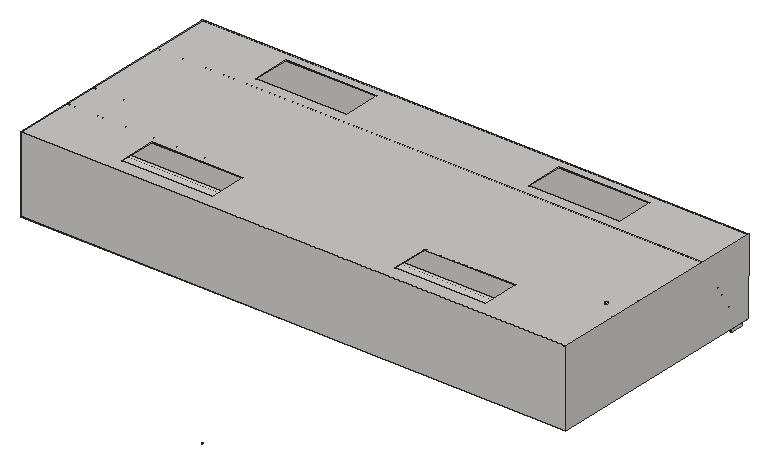
Revit family "QF_ELECTROLUXPROFESSIONAL_641263_STPF1536", category Attrezzature speciali, Revit 2021
Family settings
  Quota connettore circolare = Usa diametro
  Tipo di parte = Normale
  Basato su piano di lavoro = No
  Sempre verticale = Sì
  Taglio con vuoti quando caricato = No
  Condiviso = No
  Punto di calcolo locali = No
Parameters (values of type "Standard")
  Weight = 225.00 kg
  Watts = 320 W
  Volts = 220 V
  URL Manufacturer = "https://www.electroluxprofessional.com/"
  URL = "https://www.electroluxprofessional.com/"
  Steam Supply Size = 0 mm
  Steam Supply Minimum Pressure = 0.0 Pa
  Steam Supply Maximum Pressure = 0.0 Pa
  Steam Consumption per Hour = 0
  Refrigeration Suction Line Size = 0 mm
  Refrigeration Liquid Line Size = 0 mm
  Refrigerant Compressor Remote = yes
  Prospetto di default = 0 mm
  Produttore = "Electrolux Professional"
  Phase = 1
  Modello = "STPF1536"
  Length Actual = 3600 mm  # constant formula
  Item Number = "641263"
  Hot Water Size = 0 mm
  Height Actual = 500 mm  # constant formula
  HP = "0.4 HP"
  Gas Size = 0 mm
  Gas KW = 0
  Gas Input Pressure = 0 W
  Direct Waste Size = 0 mm
  Descrizione = "304 S/S WALL HOOD+FILTERS+LAMPS 360X150"
  Depth Actual = 1500 mm  # constant formula
  Cycle = 50 Hz
  Condensate Return Size = 0 mm
  Compressed Air Volume = 0.0 L/s
  Compressed Air Size = 0 mm
  Compressed Air Pressure = 0.0 Pa
  Cold Water Size = 0 mm
  Accessory = yes
Reference planes
  plane 1: z = 0
  plane 2 "Center (Left/Right)": x = 150
  plane 3 "LEFT": x = -1650
  plane 4 "RIGHT": x = 1950
  plane 5 "BACK": y = 550
  plane 6 "TOP": z = 2500
  plane 7 "Base": z = 2000
  plane 8: z = 1955
  plane 9 "DrainY": y = 490
  plane 10: x = -1647
  plane 11 "DrainX": x = 1830
  plane 12 "AOLeft2": x = -450
  plane 13 "AORight1": x = 750
  plane 14: x = 1947
  plane 15: x = -1450
  plane 16: x = 1750
  plane 17 "Center (Front/Back)": y = -100
  plane 18 "Front": y = -950
  plane 19 "AOLeft1": x = -1050
  plane 20 "AORight2": x = 1350
  plane 21: y = -864
  plane 22: y = -614
  plane 23: y = 240
  plane 24: y = 490
  plane 25 "EI_y": y = -470
  plane 26 "EIx": x = 1830
Forms (mm)
  Extrusion 1, solid, material "QF_Finishes_Stainless Steel"
    sketch origin (-1650, 0, 360) x (0, 1, 0) y (0, 0, 1)
      loop
        line (550, 1640) -> (550, 2140) -> (-950, 2140) -> (-950, 1640) -> (550, 1640)
    from 0 to 3
  Extrusion 2, solid, material "QF_Finishes_Stainless Steel"
    sketch origin (1950, 0, 360) x (0, 1, 0) y (0, 0, 1)
      loop
        line (550, 1640) -> (550, 2140) -> (-950, 2140) -> (-950, 1640) -> (550, 1640)
    from 0 to -3
  Extrusion 3, solid, material "QF_Finishes_Stainless Steel"
    sketch origin (150, 0, 360) x (0, 1, 0) y (0, 0, 1)
      loop
        line (-950, 2140) -> (-950, 1640) -> (-940, 1640) -> (-940, 1640.8) -> (-949.2, 1640.8) -> (-949.2, 2139.19) -> (549.2, 2139.19) -> (549.2, 1640.8) -> (540, 1640.8) -> (540, 1640) -> (550, 1640) -> (550, 2140) -> (-950, 2140)
    from -1800 to 1800
  Extrusion 4, solid, material "QF_Finishes_Stainless Steel"
    sketch origin (0, 0, 2000) x (0, 1, 0) y (-1, 0, 0)
      loop
        circle (490, -1830) r 4.763
    from -30 to 0
  Extrusion 5, void
    sketch origin (0, 0, 2500) x (0, 1, 0) y (-1, 0, 0)
      loop
        line (-614, 450) -> (-614, 1050) -> (-864, 1050) -> (-864, 450) -> (-614, 450)
    from 0 to -10
  Extrusion 6, solid, material "QF_Finishes_Stainless Steel"
    sketch origin (0, 0, 0) x (1, 0, 0) y (0, 1, 0)
      loop
        line (-1650, 550) -> (-1650, 549) -> (-1649, 549) -> (-1649, 550) -> (-1650, 550)
    from 0 to 1
  Extrusion 7, solid, material "QF_LAMPS"
    sketch origin (150, 0, 360) x (0, 1, 0) y (0, 0, 1)
      loop
        line (-572.823, 1962.324) -> (-418.948, 2086.929) -> (-427.129, 2097.032) -> (-581.003, 1972.426) -> (-572.823, 1962.324)
    from 1797 to -1797
  Sweep 8, solid, material "QF_Finishes_Stainless Steel"
    path origin (0, 0, 0) x (1, 0, 0) y (0, 1, 0)
      loop
        line (1950, 550) -> (-1650, 550) -> (-1650, -950) -> (1950, -950) -> (1950, 550)
    profile origin (1950, -200, 0) x (1, 0, 0) y (0, 0, 1)
      loop
        line (-3, 2000) -> (-3, 2000.8) -> (-19, 2000.8) -> (-19, 2010) -> (-20, 2010) -> (-20, 2000) -> (-3, 2000)
  Extrusion 9, solid, material "QF_Finishes_Stainless Steel"
    sketch origin (150, 0, 0) x (0, 1, 0) y (0, 0, 1)
      loop
        line (414.66, 2095.469) -> (440.643, 2110.471) -> (261.744, 2411.771) -> (235.948, 2396.455) -> (414.66, 2095.469)
    from -1797 to -1600
  Extrusion 10, void
    sketch origin (1134.605, 0, 2500) x (0, 1, 0) y (-1, 0, 0)
      loop
        line (-614, -215.395) -> (-614, 384.605) -> (-864, 384.605) -> (-864, -215.395) -> (-614, -215.395)
    from 0 to -10
  Extrusion 11, solid, material "QF_Finishes_Stainless Steel"
    sketch origin (1830, 0, 0) x (0, 1, 0) y (0, 0, 1)
      loop
        line (539, 2000) -> (441, 2000) -> (441, 1989) -> (448.5, 1989) -> (448.5, 1965)
        arc (448.5, 1965) -> (451.429, 1957.929) -> (458.5, 1955) r 10
        line (458.5, 1955) -> (521.5, 1955)
        arc (521.5, 1955) -> (528.571, 1957.929) -> (531.5, 1965) r 10
        line (531.5, 1965) -> (531.5, 1989) -> (539, 1989) -> (539, 2000)
    from 90 to -90
  Extrusion 12, solid, material "QF_Finishes_Stainless Steel"
    sketch origin (150, 0, 0) x (0, 1, 0) y (0, 0, 1)
      loop
        line (414.66, 2095.469) -> (440.643, 2110.471) -> (261.744, 2411.771) -> (235.948, 2396.455) -> (414.66, 2095.469)
    from 1600 to 1797
  Extrusion 13, solid, material "QF_Finished_Chrome"
    sketch origin (150, 0, 0) x (0, 1, 0) y (0, 0, 1)
      loop
        line (414.66, 2095.469) -> (440.643, 2110.471) -> (261.744, 2411.771) -> (235.948, 2396.455) -> (414.66, 2095.469)
    from -1600 to 1600
  Extrusion 14, void
    sketch origin (0, 1180, 2500) x (0, 1, 0) y (-1, 0, 0)
      loop
        line (-690, 450) -> (-690, 1050) -> (-940, 1050) -> (-940, 450) -> (-690, 450)
    from 0 to -10
  Extrusion 15, void
    sketch origin (1600, 1180, 2500) x (0, 1, 0) y (-1, 0, 0)
      loop
        line (-690, 250) -> (-690, 850) -> (-940, 850) -> (-940, 250) -> (-690, 250)
    from 0 to -10
  Extrusion 16, solid, material "QF_Finishes_Stainless Steel"
    sketch origin (0, 0, 2500) x (0, 1, 0) y (-1, 0, 0)
      loop
        circle (-470, -1830) r 10
    from 0 to 1.6
  Extrusion 17, solid, material "QF_Finishes_Stainless Steel"
    sketch origin (150, 0, 360) x (0, 1, 0) y (0, 0, 1)
      loop
        line (430.005, 1640) -> (540, 1640) -> (540, 1640.8) -> (430.467, 1640.8) -> (371.906, 1742.23) -> (414.858, 1734.657) -> (442.266, 1750.481) -> (442.266, 1765.943) -> (441.466, 1765.943) -> (441.466, 1750.943) -> (414.709, 1735.495) -> (321.153, 1751.991) -> (320.875, 1750.416) -> (371.4, 1741.507) -> (430.005, 1640)
      loop
        line (172.529, 2139.19) -> (242.893, 2017.316) -> (245.133, 2018.715) -> (240.13, 2027.381) -> (238.569, 2026.405) -> (173.453, 2139.19) -> (172.529, 2139.19)
    from -1797 to 1797
  Extrusion 18, solid, material "QF_Finishes_Stainless Steel"
    sketch origin (150, 200.8, 360) x (0, 1, 0) y (0, 0, 1)
      loop
        line (-1150, 2139.19) -> (-1150, 1640) -> (-1086.602, 1640) -> (-999.146, 1690.493) -> (-1010.058, 1709.394) -> (-1066.564, 1676.77) -> (-1114.704, 1680.982) -> (-1149.2, 1730.248) -> (-1149.2, 2139.19) -> (-1150, 2139.19)
      loop
        line (-773.6, 1961.694) -> (-781.937, 1971.99) -> (-769.095, 1982.182) -> (-769.095, 2139.19) -> (-769.895, 2139.19) -> (-769.895, 1982.569) -> (-1082.298, 1734.63) -> (-1071.091, 1720.79) -> (-773.6, 1961.694)
      loop
        line (-627.61, 2099.216) -> (-618.171, 2087.559) -> (-554.411, 2139.19) -> (-555.682, 2139.19) -> (-618.052, 2088.684) -> (-626.989, 2099.719) -> (-627.61, 2099.216)
    from -1797 to 1797
  Extrusion 19, solid, material "QF_Finishes_Stainless Steel"
    sketch origin (0, 0, 2500) x (0, 1, 0) y (-1, 0, 0)
      loop
        circle (-470, -1830) r 10
    from 0 to 1.6
Cuts and joins
  Extrusion 5, Extrusion 10, Extrusion 14, Extrusion 15 cuts Extrusion 3
  joined: Extrusion 2, Extrusion 3, Sweep 8
Lines and regions (mm)
  symbolic lines, style "SpecialityEquipment", detail levels coarse
    curve 1: line (1950, 550, 2500) -> (-1650, 550, 2500)
    curve 2: line (-1650, 550, 2500) -> (-1650, -950, 2500)
    curve 3: line (1950, -950, 2500) -> (1950, 550, 2500)
    curve 4: line (-1650, 550, 0) -> (1950, -950, 0)
    curve 5: line (1950, 550, 0) -> (-1650, -950, 0)
    curve 6: line (-1650, -950, 0) -> (1950, -950, 0)
  symbolic lines, detail levels coarse
    curve 7: line (-1050, 240, 2500) -> (-450, 240, 2500)
    curve 8: line (-1050, 490, 2500) -> (-1050, 240, 2500)
    curve 9: line (-450, 490, 2500) -> (-1050, 490, 2500)
    curve 10: line (-450, 240, 2500) -> (-450, 490, 2500)
    curve 11: line (750, 490, 2500) -> (750, 240, 2500)
    curve 12: line (1350, 490, 2500) -> (750, 490, 2500)
    curve 13: line (750, 240, 2500) -> (1350, 240, 2500)
    curve 14: line (1350, 240, 2500) -> (1350, 490, 2500)
    curve 15: line (-1050, -614, 2500) -> (-450, -614, 2500)
    curve 16: line (-1050, -864, 2500) -> (-1050, -614, 2500)
    curve 17: line (-450, -864, 2500) -> (-1050, -864, 2500)
    curve 18: line (-450, -614, 2500) -> (-450, -864, 2500)
    curve 19: line (750, -614, 2500) -> (1350, -614, 2500)
    curve 20: line (750, -864, 2500) -> (750, -614, 2500)
    curve 21: line (1350, -864, 2500) -> (750, -864, 2500)
    curve 22: line (1350, -614, 2500) -> (1350, -864, 2500)
Dimensions and locks
  plane 3 "LEFT" to plane 4 "RIGHT" = 3600 mm
  equal spacing: plane 3 "LEFT", plane 2 "Center (Left/Right)", plane 4 "RIGHT"
  plane 7 "Base" to plane 8 = 45 mm
  plane 5 "BACK" to plane 9 "DrainY" = 60 mm  (x2)
  plane 3 "LEFT" to plane 10 = 3 mm
  plane 11 "DrainX" to plane 4 "RIGHT" = 120 mm
  plane 14 to plane 4 "RIGHT" = 3 mm
  plane 3 "LEFT" to plane 15 = 200 mm
  plane 16 to plane 4 "RIGHT" = 200 mm
  locked: plane 12 "AOLeft2" to plane 13 "AORight1" at 1200
  equal spacing: plane 12 "AOLeft2", plane 2 "Center (Left/Right)", plane 13 "AORight1"
  locked: plane 7 "Base" to level at 2000
  locked: plane 6 "TOP" to plane 7 "Base" at 500
  locked: plane 19 "AOLeft1" to plane 12 "AOLeft2" at 600
  locked: plane 13 "AORight1" to plane 20 "AORight2" at 600
  locked: plane 22 to plane 21 at 250
  locked: plane 21 to plane 18 "Front" at 86
  locked: plane 24 to plane 23 at 250
  locked: plane 5 "BACK" to plane 24 at 60
  locked: plane 25 "EI_y" to plane 18 "Front" at 480
  locked: plane 26 "EIx" to plane 4 "RIGHT" at 120
  locked: plane 5 "BACK" to plane 18 "Front" at 1500
  plane 5 "BACK" to plane 18 "Front" = 1500 mm
  aligned and locked: level to plane 1
  aligned and locked: plane 4 "RIGHT" to Extrusion 3
  aligned and locked: Extrusion 3 to plane 3 "LEFT"
  aligned and locked: Extrusion 2 to plane 14
  aligned and locked: Extrusion 9 to plane 10
  aligned and locked: Extrusion 5 to plane 19 "AOLeft1"
  aligned and locked: Extrusion 5 to plane 12 "AOLeft2"
  aligned and locked: plane 20 "AORight2" to Extrusion 10
  aligned and locked: plane 13 "AORight1" to Extrusion 10
  aligned and locked: plane 15 to Extrusion 9
  aligned and locked: plane 16 to Extrusion 12
  aligned and locked: plane 14 to Extrusion 12
  aligned and locked: Extrusion 13 to plane 15
  aligned and locked: Extrusion 13 to plane 16
  aligned and locked: plane 14 to Extrusion 7
  aligned and locked: Extrusion 7 to plane 10
  aligned and locked: Extrusion 14 to plane 23
  aligned and locked: plane 24 to Extrusion 14
  aligned and locked: plane 24 to Extrusion 15
  aligned and locked: Extrusion 15 to plane 23
  aligned and locked: plane 13 "AORight1" to Extrusion 15
  aligned and locked: plane 20 "AORight2" to Extrusion 15
  aligned and locked: Extrusion 14 to plane 19 "AOLeft1"
  aligned and locked: Extrusion 14 to plane 12 "AOLeft2"
  aligned and locked: Extrusion 17 to plane 10
  aligned and locked: plane 14 to Extrusion 17
  aligned and locked: Extrusion 5 to plane 21
  aligned and locked: plane 22 to Extrusion 5
  aligned and locked: Extrusion 10 to plane 21
  aligned and locked: Extrusion 18 to plane 10
  aligned and locked: plane 14 to Extrusion 18
Automatic sketch dimensions
  curve 6 to plane 3 "LEFT" = 0 mm
  curve 4 to plane 3 "LEFT" = 0 mm
  curve 5 to plane 4 "RIGHT" = 0 mm
  curve 6 to plane 4 "RIGHT" = 0 mm
  curve 4 to plane 18 "Front" = 0 mm
  curve 5 to plane 5 "BACK" = 0 mm
  curve 4 to plane 5 "BACK" = 0 mm
  Extrusion 1 sketch curve to plane 7 "Base" = 0 mm
  Extrusion 1 sketch curve to plane 18 "Front" = 0 mm
  Extrusion 1 sketch curve to plane 5 "BACK" = 0 mm
  Extrusion 1 sketch curve to plane 6 "TOP" = 0 mm
  Extrusion 2 sketch curve to plane 7 "Base" = 0 mm
  Extrusion 2 sketch curve to plane 18 "Front" = 0 mm
  Extrusion 2 sketch curve to plane 5 "BACK" = 0 mm
  Extrusion 2 sketch curve to plane 6 "TOP" = 0 mm
  Extrusion 3 sketch curve to plane 6 "TOP" = 0 mm
  Extrusion 3 sketch curve to plane 18 "Front" = 0 mm
  Extrusion 3 sketch curve to plane 7 "Base" = 0 mm  (x2)
  Extrusion 3 sketch curve to plane 5 "BACK" = 0 mm
  plane 18 "Front" to Extrusion 3 sketch curve = 0.8 mm
  Extrusion 3 sketch curve to Extrusion 3 sketch curve = 9.2 mm
  plane 7 "Base" to Extrusion 3 sketch curve = 0.8 mm  (x2)
  Extrusion 3 sketch curve to plane 5 "BACK" = 10 mm
  Extrusion 3 sketch curve to plane 5 "BACK" = 0.8 mm
  Extrusion 3 sketch curve to plane 6 "TOP" = 0.81 mm
  Extrusion 4 sketch curve to plane 9 "DrainY" = 0 mm
  Extrusion 4 sketch curve to plane 11 "DrainX" = 0 mm
  Extrusion 5 sketch curve to plane 12 "AOLeft2" = 0 mm
  Extrusion 5 sketch curve to plane 21 = 0 mm
  Extrusion 5 sketch curve to plane 22 = 0 mm
  Extrusion 5 sketch curve to plane 19 "AOLeft1" = 0 mm
  Extrusion 6 sketch curve to plane 3 "LEFT" = 0 mm
  Extrusion 6 sketch curve to plane 5 "BACK" = 0 mm
  plane 3 "LEFT" to Extrusion 6 sketch curve = 1 mm
  Extrusion 6 sketch curve to Extrusion 6 sketch curve = 1 mm
  plane 22 to Extrusion 7 sketch curve = 32.997 mm
  Extrusion 7 sketch curve to Extrusion 7 sketch curve = 8.181 mm  (x2)
  plane 25 "EI_y" to Extrusion 7 sketch curve = 42.871 mm
  Extrusion 7 sketch curve to plane 6 "TOP" = 177.676 mm
  Extrusion 7 sketch curve to Extrusion 7 sketch curve = 10.102 mm
  Extrusion 7 sketch curve to plane 6 "TOP" = 53.071 mm
  Extrusion 7 sketch curve to Extrusion 7 sketch curve = 10.103 mm
  Sweep 8 sketch curve to plane 3 "LEFT" = 0 mm
  Sweep 8 sketch curve to plane 4 "RIGHT" = 0 mm
  Sweep 8 sketch curve to plane 18 "Front" = 0 mm
  Sweep 8 sketch curve to plane 5 "BACK" = 0 mm
  profile plane to Sweep 8 sketch curve = 20 mm
  Sweep 8 sketch curve to Sweep 8 sketch curve = 1 mm
  profile plane to Sweep 8 sketch curve = 3 mm
  level to Sweep 8 sketch curve = 2000 mm
  Sweep 8 sketch curve to Sweep 8 sketch curve = 0.8 mm
  Sweep 8 sketch curve to Sweep 8 sketch curve = 9.2 mm
  Extrusion 9 sketch curve to plane 23 = 4.052 mm
  plane 23 to Extrusion 9 sketch curve = 21.744 mm
  Extrusion 9 sketch curve to plane 9 "DrainY" = 75.34 mm
  Extrusion 9 sketch curve to Extrusion 9 sketch curve = 25.983 mm
  plane 7 "Base" to Extrusion 9 sketch curve = 95.469 mm
  Extrusion 9 sketch curve to Extrusion 9 sketch curve = 15.001 mm
  Extrusion 9 sketch curve to plane 6 "TOP" = 103.545 mm
  Extrusion 9 sketch curve to Extrusion 9 sketch curve = 15.316 mm
  Extrusion 10 sketch curve to plane 20 "AORight2" = 0 mm
  Extrusion 10 sketch curve to plane 21 = 0 mm
  Extrusion 10 sketch curve to plane 22 = 0 mm
  Extrusion 10 sketch curve to plane 13 "AORight1" = 0 mm
  Extrusion 11 sketch curve to plane 8 = 0 mm
  Extrusion 11 sketch curve to plane 7 "Base" = 11 mm  (x2)
  Extrusion 11 sketch curve to plane 9 "DrainY" = 49 mm
  Extrusion 11 sketch curve to Extrusion 11 sketch curve = 7.5 mm  (x2)
  Extrusion 11 sketch curve to Extrusion 11 sketch curve = 10 mm
  Extrusion 11 sketch curve to plane 5 "BACK" = 28.5 mm
  Extrusion 11 sketch curve to plane 5 "BACK" = 18.5 mm
  plane 7 "Base" to Extrusion 11 sketch curve = 0 mm
  Extrusion 12 sketch curve to plane 23 = 4.052 mm
  plane 23 to Extrusion 12 sketch curve = 21.744 mm
  Extrusion 12 sketch curve to plane 9 "DrainY" = 75.34 mm
  Extrusion 12 sketch curve to Extrusion 12 sketch curve = 25.983 mm
  plane 7 "Base" to Extrusion 12 sketch curve = 95.469 mm
  Extrusion 12 sketch curve to Extrusion 12 sketch curve = 15.001 mm
  Extrusion 12 sketch curve to plane 6 "TOP" = 103.545 mm
  Extrusion 12 sketch curve to Extrusion 12 sketch curve = 15.316 mm
  Extrusion 13 sketch curve to plane 23 = 4.052 mm
  plane 23 to Extrusion 13 sketch curve = 21.744 mm
  Extrusion 13 sketch curve to plane 9 "DrainY" = 75.34 mm
  Extrusion 13 sketch curve to Extrusion 13 sketch curve = 25.983 mm
  plane 7 "Base" to Extrusion 13 sketch curve = 95.469 mm
  Extrusion 13 sketch curve to Extrusion 13 sketch curve = 15.001 mm
  Extrusion 13 sketch curve to plane 6 "TOP" = 103.545 mm
  Extrusion 13 sketch curve to Extrusion 13 sketch curve = 15.316 mm
  Extrusion 14 sketch curve to plane 12 "AOLeft2" = 0 mm
  Extrusion 14 sketch curve to plane 23 = 0 mm
  Extrusion 14 sketch curve to plane 9 "DrainY" = 0 mm
  Extrusion 14 sketch curve to plane 19 "AOLeft1" = 0 mm
  Extrusion 15 sketch curve to plane 20 "AORight2" = 0 mm
  Extrusion 15 sketch curve to plane 23 = 0 mm
  Extrusion 15 sketch curve to plane 9 "DrainY" = 0 mm
  Extrusion 15 sketch curve to plane 13 "AORight1" = 0 mm
  Extrusion 16 sketch curve to plane 25 "EI_y" = 0 mm
  Extrusion 16 sketch curve to plane 26 "EIx" = 0 mm
  Extrusion 17 sketch curve to plane 7 "Base" = 0 mm
  Extrusion 17 sketch curve to plane 6 "TOP" = 0.81 mm
  Extrusion 17 sketch curve to plane 23 = 67.471 mm
  Extrusion 17 sketch curve to Extrusion 17 sketch curve = 0.924 mm
  Extrusion 17 sketch curve to plane 23 = 1.431 mm
  plane 23 to Extrusion 17 sketch curve = 0.13 mm
  plane 23 to Extrusion 17 sketch curve = 2.893 mm
  Extrusion 17 sketch curve to Extrusion 17 sketch curve = 2.24 mm
  plane 23 to Extrusion 17 sketch curve = 80.875 mm
  Extrusion 17 sketch curve to Extrusion 17 sketch curve = 0.278 mm
  Extrusion 17 sketch curve to Extrusion 17 sketch curve = 50.525 mm
  Extrusion 17 sketch curve to Extrusion 17 sketch curve = 0.506 mm
  Extrusion 17 sketch curve to Extrusion 17 sketch curve = 42.803 mm
  Extrusion 17 sketch curve to Extrusion 17 sketch curve = 0.148 mm
  Extrusion 17 sketch curve to plane 9 "DrainY" = 59.995 mm
  plane 7 "Base" to Extrusion 17 sketch curve = 0.8 mm
  Extrusion 17 sketch curve to Extrusion 17 sketch curve = 0.462 mm  (x2)
  Extrusion 17 sketch curve to Extrusion 17 sketch curve = 109.533 mm
  Extrusion 17 sketch curve to Extrusion 17 sketch curve = 26.757 mm
  Extrusion 17 sketch curve to Extrusion 17 sketch curve = 0.8 mm
  plane 7 "Base" to Extrusion 17 sketch curve = 94.657 mm
  Extrusion 17 sketch curve to Extrusion 17 sketch curve = 0.838 mm
  Extrusion 17 sketch curve to Extrusion 17 sketch curve = 6.012 mm
  Extrusion 17 sketch curve to Extrusion 17 sketch curve = 0.723 mm
  Extrusion 17 sketch curve to Extrusion 17 sketch curve = 14.986 mm
  Extrusion 17 sketch curve to Extrusion 17 sketch curve = 15 mm
  Extrusion 17 sketch curve to plane 6 "TOP" = 122.684 mm
  Extrusion 17 sketch curve to Extrusion 17 sketch curve = 1.399 mm
  Extrusion 17 sketch curve to Extrusion 17 sketch curve = 9.089 mm
  Extrusion 17 sketch curve to Extrusion 17 sketch curve = 0.975 mm
  Extrusion 18 sketch curve to plane 7 "Base" = 0 mm
  plane 18 "Front" to Extrusion 18 sketch curve = 0.8 mm
  Extrusion 18 sketch curve to Extrusion 18 sketch curve = 0.8 mm  (x2)
  plane 18 "Front" to Extrusion 18 sketch curve = 36.096 mm
  Extrusion 18 sketch curve to plane 21 = 21.802 mm
  Extrusion 18 sketch curve to plane 21 = 17.498 mm
  Extrusion 18 sketch curve to plane 21 = 6.291 mm
  Extrusion 18 sketch curve to plane 21 = 1.764 mm
  plane 21 to Extrusion 18 sketch curve = 54.742 mm
  Extrusion 18 sketch curve to Extrusion 18 sketch curve = 10.912 mm
  plane 22 to Extrusion 18 sketch curve = 32.863 mm
  Extrusion 18 sketch curve to Extrusion 18 sketch curve = 8.337 mm
  Extrusion 18 sketch curve to Extrusion 18 sketch curve = 12.042 mm
  plane 25 "EI_y" to Extrusion 18 sketch curve = 43.19 mm
  Extrusion 18 sketch curve to Extrusion 18 sketch curve = 0.622 mm
  Extrusion 18 sketch curve to Extrusion 18 sketch curve = 9.44 mm
  Extrusion 18 sketch curve to Extrusion 18 sketch curve = 0.118 mm
  Extrusion 18 sketch curve to plane 6 "TOP" = 0.81 mm  (x3)
  Extrusion 18 sketch curve to Extrusion 18 sketch curve = 62.37 mm
  Extrusion 18 sketch curve to Extrusion 18 sketch curve = 1.271 mm
  plane 7 "Base" to Extrusion 18 sketch curve = 36.77 mm
  plane 7 "Base" to Extrusion 18 sketch curve = 40.982 mm
  plane 7 "Base" to Extrusion 18 sketch curve = 50.493 mm
  Extrusion 18 sketch curve to Extrusion 18 sketch curve = 18.901 mm
  Extrusion 18 sketch curve to Extrusion 18 sketch curve = 44.02 mm
  Extrusion 18 sketch curve to Extrusion 18 sketch curve = 49.266 mm
  Extrusion 18 sketch curve to Extrusion 18 sketch curve = 13.84 mm
  Extrusion 18 sketch curve to plane 6 "TOP" = 178.306 mm
  Extrusion 18 sketch curve to Extrusion 18 sketch curve = 10.296 mm
  Extrusion 18 sketch curve to Extrusion 18 sketch curve = 10.192 mm
  Extrusion 18 sketch curve to Extrusion 18 sketch curve = 0.386 mm
  Extrusion 18 sketch curve to plane 6 "TOP" = 52.441 mm
  Extrusion 18 sketch curve to Extrusion 18 sketch curve = 1.125 mm
  Extrusion 19 sketch curve to plane 25 "EI_y" = 0 mm
  Extrusion 19 sketch curve to plane 26 "EIx" = 0 mm
  curve 2 to plane 3 "LEFT" = 0 mm
  curve 2 to plane 18 "Front" = 0 mm
  curve 3 to plane 4 "RIGHT" = 0 mm
  curve 3 to plane 18 "Front" = 0 mm
  curve 21 to plane 13 "AORight1" = 0 mm
  curve 21 to plane 21 = 0 mm
  curve 18 to plane 12 "AOLeft2" = 0 mm
  curve 18 to plane 21 = 0 mm
  curve 19 to plane 20 "AORight2" = 0 mm
  curve 19 to plane 22 = 0 mm
  curve 15 to plane 22 = 0 mm
  curve 13 to plane 13 "AORight1" = 0 mm
  curve 13 to plane 23 = 0 mm
  curve 10 to plane 12 "AOLeft2" = 0 mm
  curve 10 to plane 23 = 0 mm
  curve 14 to plane 9 "DrainY" = 0 mm
  curve 10 to plane 9 "DrainY" = 0 mm
  curve 2 to plane 5 "BACK" = 0 mm
  curve 14 to plane 20 "AORight2" = 0 mm
  curve 17 to plane 19 "AOLeft1" = 0 mm
  curve 7 to plane 19 "AOLeft1" = 0 mm
  radius of Extrusion 4 sketch curve = 4.763 mm
  radius of Extrusion 16 sketch curve = 10 mm
  radius of Extrusion 19 sketch curve = 10 mm
Connectors
  piping at (1830, 490, 1970), diameter 9.5
    settings: on Extrusion 4, index 1, connector inside diameter 609.6 mm, connector length 0 mm, flow factor 0, pipe flow 0.0 L/s, pressure drop 0.0 Pa, fitting loss kfactor 0, connector angle 0.00°, fixture units 0, engagement length 0 mm, angle of deflection 0.00°, flow configuration 1, flow direction 2, fitting loss method 0, system type 16, joint type 0, gender type 0, connector reference index -1, connector utility 0, adjustable connector no, is connector primary yes, connector description "Drain"
  hvac at (-750, -739, 2500)
    settings: on Extrusion 5, index 2, duct flow 0.0 L/s, flow factor 0, pres drop 0.0 Pa, loss coef 0, conn angle 0.00°, conn width 250 mm, conn height 600 mm, conn diameter 609.6 mm, duct sys type 1, conn prof type 1, flow config 1, flow direction 1, loss method 0, conn ref index -1, conn util no, is conn primary yes, conn desc "AIR INLET"
  hvac at (1050, -739, 2500)
    settings: on Extrusion 10, index 3, duct flow 0.0 L/s, flow factor 0, pres drop 0.0 Pa, loss coef 0, conn angle 0.00°, conn width 250 mm, conn height 600 mm, conn diameter 609.6 mm, duct sys type 1, conn prof type 1, flow config 1, flow direction 1, loss method 0, conn ref index -1, conn util no, is conn primary no, conn desc "AIR INLET"
  hvac at (-750, 365, 2500)
    settings: on Extrusion 14, index 4, duct flow 0.0 L/s, flow factor 0, pres drop 0.0 Pa, loss coef 0, conn angle 0.00°, conn width 250 mm, conn height 600 mm, conn diameter 609.6 mm, duct sys type 3, conn prof type 1, flow config 1, flow direction 2, loss method 0, conn ref index -1, conn util no, is conn primary no, conn desc "EXHAUST OUTLET"
  hvac at (1050, 365, 2500)
    settings: on Extrusion 15, index 5, duct flow 0.0 L/s, flow factor 0, pres drop 0.0 Pa, loss coef 0, conn angle 0.00°, conn width 250 mm, conn height 600 mm, conn diameter 609.6 mm, duct sys type 3, conn prof type 1, flow config 1, flow direction 2, loss method 0, conn ref index -1, conn util no, is conn primary no, conn desc "EXHAUST OUTLET"
  electrical at (1830, -470, 2501.6), driven by "Volts"
    settings: on Extrusion 16, index 6, voltage 220 V, apparent load 0 VA, apparent load phase1 0 VA, apparent load phase2 0 VA, apparent load phase3 0 VA, power factor 1, load classification "Other", number of poles 1, system type 30, power factor state 1, is connector primary yes, connector utility no, sub classification motor no, connector description "Electrical Connection"
  electrical at (1830, -470, 2501.6)
    settings: on Extrusion 19, index 12, voltage 0 V, apparent load 0 VA, apparent load phase1 0 VA, apparent load phase2 0 VA, apparent load phase3 0 VA, power factor 1, load classification "Other", number of poles 1, system type 30, power factor state 1, is connector primary no, connector utility no, sub classification motor no, connector description ""
